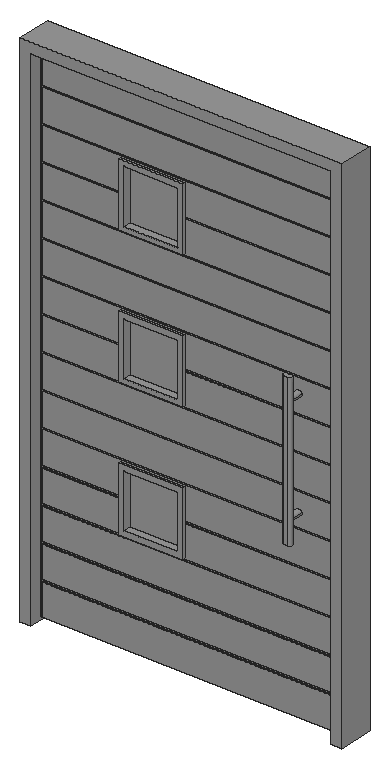
Revit family "V1200IVT NO9 RH", category Doors, host Wall, Revit 2015
Parameters (values of type "V1200IVT NO9 RH")
  Function = Interior
  Frame Projection Ext. = 25 mm
  Frame Projection Int. = 25 mm
  Frame Width = 75 mm
  Height = 2090 mm
  Wall Closure = By host
  Width = 1284 mm
Reference planes
  plane 1: y = 0
  plane 2 "Center (Left/Right)": x = 0
  plane 3 "Left": x = -642
  plane 4 "Right": x = 642
  plane 5: z = 2090
  plane 6 "Exterior": y = 75
  plane 7 "Interior": y = -75
Forms (mm)
  Sweep 1, solid, material "Lauan, Meranti"
    path origin (0, 75, 0) x (1, 0, 0) y (0, 0, 1)
      loop
        line (642, 0) -> (642, 2090) -> (-642, 2090) -> (-642, 0)
    profile "Van Acht 140x42 Pivot Door Frame Profile : Van Acht 140x42 Pivot Door Frame Profile" origin (642, 75, 1045) x (-1, 0, 0) y (0, -1, 0)
      loop
        line (0, 5) -> (42, 5) -> (42, 145) -> (0, 145) -> (0, 5)
  Sweep 2, solid, material "Lauan, Meranti"
    path origin (-4626.5, 11, -4) x (1, 0, 0) y (0, 0, 1)
      loop
        line (5216.5, 2052) -> (4036.5, 2052) -> (4036.5, 20) -> (5216.5, 20) -> (5216.5, 2052)
    profile origin (0, 11, 2048) x (0, 0, -1) y (0, -1, 0)
      loop
        line (0, -5.015) -> (40, -5.015) -> (40, 27) -> (0, 27) -> (0, -5.015)
  Extrusion 3, solid, material "Lauan, Meranti"
    sketch origin (-4626.5, -1629, -4) x (1, 0, 0) y (0, 1, 0)
      loop
        line (4036.5, 1654) -> (4026.5, 1654) -> (4026.5, 1604) -> (4036.5, 1604) -> (4036.5, 1654)
      loop
        line (5226.5, 1654) -> (5216.5, 1654) -> (5216.5, 1604) -> (5226.5, 1604) -> (5226.5, 1654)
    from 20 to 2052
  Sweep 4, solid, material "Lauan, Meranti"
    path origin (-291, -75, -54.558) x (1, 0, 0) y (0, 0, 1)
      loop
        line (28, 1816.058) -> (28, 1581.058) -> (263, 1581.058) -> (263, 1816.058) -> (28, 1816.058)
    profile origin (-145.5, -75, 1761.5) x (0, 0, 1) y (0, -1, 0)
      loop
        line (40, -91.015) -> (40, -59) -> (0, -59) -> (0, -91.015) -> (40, -91.015)
  Extrusion 5, solid, material "Lauan, Meranti"
    sketch origin (0, -75, 0) x (1, 0, 0) y (0, 0, -1)
      loop
        line (590, -2048) -> (590, -16) -> (-590, -16) -> (-590, -2048) -> (590, -2048)
      loop
        line (-263, -1761.5) -> (-28, -1761.5) -> (-28, -1526.5) -> (-263, -1526.5) -> (-263, -1761.5)
      loop
        line (-263, -1217.5) -> (-28, -1217.5) -> (-28, -982.5) -> (-263, -982.5) -> (-263, -1217.5)
      loop
        line (-263, -673.5) -> (-28, -673.5) -> (-28, -438.5) -> (-263, -438.5) -> (-263, -673.5)
    from 50 to 58.985
  Extrusion 6, solid, material "Steel, Polished"
    sketch origin (-55.741, 35.366, 663.99) x (-1, 0, 0) y (0, -1, 0)
      loop
        arc (-499.241, 124.366) -> (-508.741, 114.866) -> (-499.241, 105.366) r 9.5
        line (-499.241, 105.366) -> (-482.241, 105.366)
        arc (-482.241, 105.366) -> (-472.741, 114.866) -> (-482.241, 124.366) r 9.5
        line (-482.241, 124.366) -> (-499.241, 124.366)
    from 0 to 600
  Extrusion 7, solid, material "Steel, Polished"
    sketch origin (-4669.794, -91.899, -2044.914) x (-1, 0, 0) y (0, 0, 1)
      loop
        circle (-5104.794, 3221.404) r 11
      loop
        circle (-5104.794, 2796.404) r 11
    from 16.899 to 66.899
  Extrusion 8, solid, material "Steel, Polished"
    sketch origin (-55.741, -35.366, 663.99) x (-1, 0, 0) y (0, -1, 0)
      loop
        line (-499.241, -124.366) -> (-482.241, -124.366)
        arc (-482.241, -124.366) -> (-472.741, -114.866) -> (-482.241, -105.366) r 9.5
        line (-482.241, -105.366) -> (-499.241, -105.366)
        arc (-499.241, -105.366) -> (-508.741, -114.866) -> (-499.241, -124.366) r 9.5
    from 0 to 600
  Extrusion 9, solid, material "Steel, Polished"
    sketch origin (-4669.794, 91.899, -2044.914) x (-1, 0, 0) y (0, 0, -1)
      loop
        circle (-5104.794, -3221.404) r 11
      loop
        circle (-5104.794, -2796.404) r 11
    from 16.899 to 66.899
  Extrusion 10, solid, material "Lauan, Meranti"
    sketch origin (0, 75, 0) x (1, 0, 0) y (0, 0, 1)
      loop
        line (590, 2048) -> (-590, 2048) -> (-590, 16) -> (590, 16) -> (590, 2048)
      loop
        line (-263, 1761.5) -> (-263, 1526.5) -> (-28, 1526.5) -> (-28, 1761.5) -> (-263, 1761.5)
      loop
        line (-263, 1217.5) -> (-263, 982.5) -> (-28, 982.5) -> (-28, 1217.5) -> (-263, 1217.5)
      loop
        line (-263, 673.5) -> (-263, 438.5) -> (-28, 438.5) -> (-28, 673.5) -> (-263, 673.5)
    from 50 to 58.985
  Extrusion 11, void
    sketch origin (0, 0, 0) x (0, 1, 0) y (0, 0, 1)
      loop
        line (25, 1920) -> (20.5, 1920) -> (20.5, 1912) -> (25, 1912) -> (25, 1920)
      loop
        line (25, 152) -> (20.5, 152) -> (20.5, 144) -> (25, 144) -> (25, 152)
      loop
        line (25, 288) -> (20.5, 288) -> (20.5, 280) -> (25, 280) -> (25, 288)
      loop
        line (25, 832) -> (20.5, 832) -> (20.5, 824) -> (25, 824) -> (25, 832)
      loop
        line (25, 1376) -> (20.5, 1376) -> (20.5, 1368) -> (25, 1368) -> (25, 1376)
    from -590 to 590
  Extrusion 12, void
    sketch origin (-1000, 0, 0) x (0, 1, 0) y (0, 0, 1)
      loop
        line (25, 1784) -> (20.5, 1784) -> (20.5, 1776) -> (25, 1776) -> (25, 1784)
      loop
        line (25, 1648) -> (20.5, 1648) -> (20.5, 1640) -> (25, 1640) -> (25, 1648)
      loop
        line (25, 1512) -> (20.5, 1512) -> (20.5, 1504) -> (25, 1504) -> (25, 1512)
      loop
        line (25, 1240) -> (20.5, 1240) -> (20.5, 1232) -> (25, 1232) -> (25, 1240)
      loop
        line (25, 1104) -> (20.5, 1104) -> (20.5, 1096) -> (25, 1096) -> (25, 1104)
      loop
        line (25, 968) -> (20.5, 968) -> (20.5, 960) -> (25, 960) -> (25, 968)
      loop
        line (25, 696) -> (20.5, 696) -> (20.5, 688) -> (25, 688) -> (25, 696)
      loop
        line (25, 560) -> (20.5, 560) -> (20.5, 552) -> (25, 552) -> (25, 560)
      loop
        line (25, 424) -> (20.5, 424) -> (20.5, 416) -> (25, 416) -> (25, 424)
    from 410 to 662
  Extrusion 13, void
    sketch origin (0, 0, 0) x (0, 1, 0) y (0, 0, 1)
      loop
        line (-20.5, 1920) -> (-25, 1920) -> (-25, 1912) -> (-20.5, 1912) -> (-20.5, 1920)
      loop
        line (-20.5, 152) -> (-25, 152) -> (-25, 144) -> (-20.5, 144) -> (-20.5, 152)
      loop
        line (-20.5, 1784) -> (-25, 1784) -> (-25, 1776) -> (-20.5, 1776) -> (-20.5, 1784)
      loop
        line (-20.5, 1512) -> (-25, 1512) -> (-25, 1504) -> (-20.5, 1504) -> (-20.5, 1512)
      loop
        line (-20.5, 1376) -> (-25, 1376) -> (-25, 1368) -> (-20.5, 1368) -> (-20.5, 1376)
      loop
        line (-20.5, 1240) -> (-25, 1240) -> (-25, 1232) -> (-20.5, 1232) -> (-20.5, 1240)
      loop
        line (-20.5, 968) -> (-25, 968) -> (-25, 960) -> (-20.5, 960) -> (-20.5, 968)
      loop
        line (-20.5, 832) -> (-25, 832) -> (-25, 824) -> (-20.5, 824) -> (-20.5, 832)
      loop
        line (-20.5, 696) -> (-25, 696) -> (-25, 688) -> (-20.5, 688) -> (-20.5, 696)
      loop
        line (-20.5, 424) -> (-25, 424) -> (-25, 416) -> (-20.5, 416) -> (-20.5, 424)
      loop
        line (-20.5, 288) -> (-25, 288) -> (-25, 280) -> (-20.5, 280) -> (-20.5, 288)
    from -590 to 590
  Extrusion 14, void
    sketch origin (-880, 0, 0) x (0, 1, 0) y (0, 0, 1)
      loop
        line (-20.5, 1648) -> (-25, 1648) -> (-25, 1640) -> (-20.5, 1640) -> (-20.5, 1648)
      loop
        line (-20.5, 1104) -> (-25, 1104) -> (-25, 1096) -> (-20.5, 1096) -> (-20.5, 1104)
      loop
        line (-20.5, 560) -> (-25, 560) -> (-25, 552) -> (-20.5, 552) -> (-20.5, 560)
    from 290 to 617
  Sweep 15, solid, material "Lauan, Meranti"
    path origin (-291, -75, -598.558) x (1, 0, 0) y (0, 0, 1)
      loop
        line (28, 1816.058) -> (28, 1581.058) -> (263, 1581.058) -> (263, 1816.058) -> (28, 1816.058)
    profile origin (-145.5, -75, 1217.5) x (0, 0, 1) y (0, -1, 0)
      loop
        line (40, -91.015) -> (40, -59) -> (0, -59) -> (0, -91.015) -> (40, -91.015)
  Sweep 16, solid, material "Lauan, Meranti"
    path origin (-291, -75, -1142.558) x (1, 0, 0) y (0, 0, 1)
      loop
        line (28, 1816.058) -> (28, 1581.058) -> (263, 1581.058) -> (263, 1816.058) -> (28, 1816.058)
    profile origin (-145.5, -75, 673.5) x (0, 0, 1) y (0, -1, 0)
      loop
        line (40, -91.015) -> (40, -59) -> (0, -59) -> (0, -91.015) -> (40, -91.015)
  Extrusion 17, solid, material "Glass, Cast, Clear"
    sketch origin (-291, -77.492, 43.245) x (1, 0, 0) y (0, 0, 1)
      loop
        line (28, 1718.255) -> (28, 1483.255) -> (263, 1483.255) -> (263, 1718.255) -> (28, 1718.255)
    from -81 to -74
  Extrusion 18, solid, material "Glass, Cast, Clear"
    sketch origin (-291, -77.492, -500.755) x (1, 0, 0) y (0, 0, 1)
      loop
        line (28, 1718.255) -> (28, 1483.255) -> (263, 1483.255) -> (263, 1718.255) -> (28, 1718.255)
    from -81 to -74
  Extrusion 19, solid, material "Glass, Cast, Clear"
    sketch origin (-291, -77.492, -1044.755) x (1, 0, 0) y (0, 0, 1)
      loop
        line (28, 1718.255) -> (28, 1483.255) -> (263, 1483.255) -> (263, 1718.255) -> (28, 1718.255)
    from -81 to -74
  Sweep 20, solid, material "Steel, S 460"
    path origin (-291, 75, -54.558) x (1, 0, 0) y (0, 0, 1)
      loop
        line (273, 1826.058) -> (18, 1826.058) -> (18, 1571.058) -> (273, 1571.058) -> (273, 1826.058)
    profile origin (-145.5, 75, 1771.5) x (0, 0, -1) y (0, -1, 0)
      loop
        line (5, 49) -> (5, 50) -> (-60, 50) -> (-60, 49) -> (5, 49)
  Sweep 21, solid, material "Steel, S 460"
    path origin (-291, 75, -598.558) x (1, 0, 0) y (0, 0, 1)
      loop
        line (273, 1826.058) -> (18, 1826.058) -> (18, 1571.058) -> (273, 1571.058) -> (273, 1826.058)
    profile origin (-145.5, 75, 1227.5) x (0, 0, -1) y (0, -1, 0)
      loop
        line (5, 49) -> (5, 50) -> (-60, 50) -> (-60, 49) -> (5, 49)
  Sweep 22, solid, material "Steel, S 460"
    path origin (-291, 75, -1142.558) x (1, 0, 0) y (0, 0, 1)
      loop
        line (273, 1826.058) -> (18, 1826.058) -> (18, 1571.058) -> (273, 1571.058) -> (273, 1826.058)
    profile origin (-145.5, 75, 683.5) x (0, 0, -1) y (0, -1, 0)
      loop
        line (5, 49) -> (5, 50) -> (-60, 50) -> (-60, 49) -> (5, 49)
  Sweep 23, solid, material "Lauan, Meranti"
    path origin (-291, 75, -598.558) x (1, 0, 0) y (0, 0, 1)
      loop
        line (333, 1886.058) -> (-42, 1886.058) -> (-42, 1511.058) -> (333, 1511.058) -> (333, 1886.058)
    profile origin (-145.5, 75, 1287.5) x (0, 0, -1) y (0, -1, 0)
      loop
        line (5, 39) -> (5, 49) -> (-5, 49) -> (-5, 54) -> (-15, 54) -> (-15, 39) -> (5, 39)
  Sweep 24, solid, material "Lauan, Meranti"
    path origin (-235, 75, -598.558) x (1, 0, 0) y (0, 0, 1)
      loop
        line (207, 1816.058) -> (-28, 1816.058) -> (-28, 1581.058) -> (207, 1581.058) -> (207, 1816.058)
    profile origin (-145.5, 75, 1217.5) x (0, 0, -1) y (0, -1, 0)
      loop
        line (0, 49) -> (-10, 49) -> (-10, 39) -> (10, 39) -> (10, 69) -> (0, 69) -> (0, 49)
  Sweep 25, solid, material "Lauan, Meranti"
    path origin (-291, 75, -54.558) x (1, 0, 0) y (0, 0, 1)
      loop
        line (333, 1886.058) -> (-42, 1886.058) -> (-42, 1511.058) -> (333, 1511.058) -> (333, 1886.058)
    profile origin (-145.5, 75, 1831.5) x (0, 0, -1) y (0, -1, 0)
      loop
        line (5, 39) -> (5, 49) -> (-5, 49) -> (-5, 54) -> (-15, 54) -> (-15, 39) -> (5, 39)
  Sweep 26, solid, material "Lauan, Meranti"
    path origin (-235, 75, -54.558) x (1, 0, 0) y (0, 0, 1)
      loop
        line (207, 1816.058) -> (-28, 1816.058) -> (-28, 1581.058) -> (207, 1581.058) -> (207, 1816.058)
    profile origin (-145.5, 75, 1761.5) x (0, 0, -1) y (0, -1, 0)
      loop
        line (0, 49) -> (-10, 49) -> (-10, 39) -> (10, 39) -> (10, 69) -> (0, 69) -> (0, 49)
  Sweep 27, solid, material "Lauan, Meranti"
    path origin (-291, 75, -1142.558) x (1, 0, 0) y (0, 0, 1)
      loop
        line (333, 1886.058) -> (-42, 1886.058) -> (-42, 1511.058) -> (333, 1511.058) -> (333, 1886.058)
    profile origin (-145.5, 75, 743.5) x (0, 0, -1) y (0, -1, 0)
      loop
        line (5, 39) -> (5, 49) -> (-5, 49) -> (-5, 54) -> (-15, 54) -> (-15, 39) -> (5, 39)
  Sweep 28, solid, material "Lauan, Meranti"
    path origin (-235, 75, -1142.558) x (1, 0, 0) y (0, 0, 1)
      loop
        line (207, 1816.058) -> (-28, 1816.058) -> (-28, 1581.058) -> (207, 1581.058) -> (207, 1816.058)
    profile origin (-145.5, 75, 673.5) x (0, 0, -1) y (0, -1, 0)
      loop
        line (0, 49) -> (-10, 49) -> (-10, 39) -> (10, 39) -> (10, 69) -> (0, 69) -> (0, 49)
  Sweep 29, solid, material "Lauan, Meranti"
    path origin (-235, -75, -598.558) x (1, 0, 0) y (0, 0, -1)
      loop
        line (207, -1816.058) -> (207, -1581.058) -> (-28, -1581.058) -> (-28, -1816.058) -> (207, -1816.058)
    profile origin (-145.5, -75, 1217.5) x (0, 0, 1) y (0, 1, 0)
      loop
        line (0, 49) -> (0, 69) -> (-10, 69) -> (-10, 39) -> (10, 39) -> (10, 49) -> (0, 49)
  Sweep 30, solid, material "Lauan, Meranti"
    path origin (-235, -75, -54.558) x (1, 0, 0) y (0, 0, -1)
      loop
        line (207, -1816.058) -> (207, -1581.058) -> (-28, -1581.058) -> (-28, -1816.058) -> (207, -1816.058)
    profile origin (-145.5, -75, 1761.5) x (0, 0, 1) y (0, 1, 0)
      loop
        line (0, 49) -> (0, 69) -> (-10, 69) -> (-10, 39) -> (10, 39) -> (10, 49) -> (0, 49)
  Sweep 31, solid, material "Lauan, Meranti"
    path origin (-235, -75, -1142.558) x (1, 0, 0) y (0, 0, -1)
      loop
        line (207, -1816.058) -> (207, -1581.058) -> (-28, -1581.058) -> (-28, -1816.058) -> (207, -1816.058)
    profile origin (-145.5, -75, 673.5) x (0, 0, 1) y (0, 1, 0)
      loop
        line (0, 49) -> (0, 69) -> (-10, 69) -> (-10, 39) -> (10, 39) -> (10, 49) -> (0, 49)
  Extrusion 32, void
    sketch origin (-305, 0, 0) x (0, 1, 0) y (0, 0, 1)
      loop
        line (25, 1784) -> (20.5, 1784) -> (20.5, 1776) -> (25, 1776) -> (25, 1784)
      loop
        line (25, 1648) -> (20.5, 1648) -> (20.5, 1640) -> (25, 1640) -> (25, 1648)
      loop
        line (25, 1512) -> (20.5, 1512) -> (20.5, 1504) -> (25, 1504) -> (25, 1512)
      loop
        line (25, 1240) -> (20.5, 1240) -> (20.5, 1232) -> (25, 1232) -> (25, 1240)
      loop
        line (25, 1104) -> (20.5, 1104) -> (20.5, 1096) -> (25, 1096) -> (25, 1104)
      loop
        line (25, 968) -> (20.5, 968) -> (20.5, 960) -> (25, 960) -> (25, 968)
      loop
        line (25, 696) -> (20.5, 696) -> (20.5, 688) -> (25, 688) -> (25, 696)
      loop
        line (25, 560) -> (20.5, 560) -> (20.5, 552) -> (25, 552) -> (25, 560)
      loop
        line (25, 424) -> (20.5, 424) -> (20.5, 416) -> (25, 416) -> (25, 424)
    from 352 to 895
  Extrusion 33, void
    sketch origin (-120, 0, 0) x (0, 1, 0) y (0, 0, 1)
      loop
        line (-20.5, 1648) -> (-25, 1648) -> (-25, 1640) -> (-20.5, 1640) -> (-20.5, 1648)
      loop
        line (-20.5, 1104) -> (-25, 1104) -> (-25, 1096) -> (-20.5, 1096) -> (-20.5, 1104)
      loop
        line (-20.5, 560) -> (-25, 560) -> (-25, 552) -> (-20.5, 552) -> (-20.5, 560)
    from 92 to 710
Cuts and joins
  Extrusion 11, Extrusion 12, Extrusion 32 cuts Extrusion 10
  Extrusion 12, Extrusion 14, Extrusion 32, Extrusion 33 cuts Extrusion 3
  Extrusion 13, Extrusion 14, Extrusion 33 cuts Extrusion 5
  Extrusion 32 cuts Sweep 23
  Extrusion 32 cuts Sweep 25
  Extrusion 32 cuts Sweep 27
  Extrusion 33 cuts Sweep 29
  Extrusion 33 cuts Sweep 30
  Extrusion 33 cuts Sweep 31
Lines and regions (mm)
  Opening 1
    outline origin (-3050, -75, 0) x (1, 0, 0) y (0, 0, 1)
      loop
        line (2408, 0) -> (3692, 0) -> (3692, 2090) -> (2408, 2090) -> (2408, 0)
  symbolic lines, style "Elevation Swing"
    curve 1: line (642, -75, 1045) -> (-300, -75, 2048)
    curve 2: line (642, -75, 1045) -> (-300, -75, 0)
    curve 3: line (-600, -75, 1045) -> (-300, -75, 2048)
    curve 4: line (-600, -75, 1045) -> (-300, -75, 0)
  model lines
    curve 5: line (-600, 22.5, 0) -> (600, 22.5, 0)
    curve 6: line (-600, -22.5, 0) -> (600, -22.5, 0)
    curve 8: line (-300, 22.5, 0) -> (-300, 922.5, 0)
    curve 9: arc (600, 22.5, 0) -> (336.396, 658.896, 0) -> (-300, 922.5, 0) r 900
    curve 10: line (-300, -22.5, 0) -> (-300, -322.5, 0)
    curve 11: arc (-300, -322.5, 0) -> (-512.132, -234.632, 0) -> (-600, -22.5, 0) r 300
  model lines, style "Elevation Swing"
    curve 7: line (-300, 0, 0) -> (-300, 0, 2048)
    curve 12: line (37, 26, 1826.5) -> (-18, 26, 1771.5)
    curve 13: line (-273, 26, 1771.5) -> (-328, 26, 1826.5)
    curve 14: line (37, 26, 1461.5) -> (-18, 26, 1516.5)
    curve 15: line (-273, 26, 1516.5) -> (-328, 26, 1461.5)
    curve 16: line (37, 26, 1282.5) -> (-18, 26, 1227.5)
    curve 17: line (-273, 26, 1227.5) -> (-328, 26, 1282.5)
    curve 18: line (37, 26, 917.5) -> (-18, 26, 972.5)
    curve 19: line (-273, 26, 972.5) -> (-328, 26, 917.5)
    curve 20: line (37, 26, 738.5) -> (-18, 26, 683.5)
    curve 21: line (-273, 26, 683.5) -> (-328, 26, 738.5)
    curve 22: line (37, 26, 373.5) -> (-18, 26, 428.5)
    curve 23: line (-273, 26, 428.5) -> (-328, 26, 373.5)
Text (mm)
  text "Exterior" at (-2295.016, 1099.543, 0), in view "Ref. Level"
  text "Exterior" at (0, 1615.38, 3698.081), in view "Left"
  text "Exterior" at (0, 1036.032, 3874.932), in view "Right"
Dimensions and locks
  equal spacing: plane 3 "Left", plane 2 "Center (Left/Right)", plane 4 "Right"
  "Width": plane 3 "Left" to plane 4 "Right"
  "Height": plane 5 to host wall
  equal spacing: host wall, curve 2, plane 5
  host wall to plane 5 = 2090 mm
  locked: plane 6 "Exterior" to host wall at 0
  locked: plane 7 "Interior" to host wall
  aligned and locked: plane 3 "Left" to Opening 1 sketch curve
  aligned and locked: plane 5 to Opening 1 sketch curve  (x2)
  aligned and locked: Opening 1 sketch curve to plane 4 "Right"
  aligned and locked: Opening 1 sketch curve to level
  aligned and locked: plane 1 to host wall
Automatic sketch dimensions
  curve 7 to level = 0 mm
  curve 2 to level = 0 mm
  plane 4 "Right" to curve 2 = 0 mm
  plane 5 to curve 7 = 42 mm
  curve 1 to curve 7 = 0 mm  (x2)
  curve 7 to plane 2 "Center (Left/Right)" = 300 mm
  curve 2 to curve 7 = 0 mm
  plane 3 "Left" to Sweep 1 sketch curve = 0 mm
  plane 4 "Right" to Sweep 1 sketch curve = 0 mm
  Sweep 1 sketch curve to level = 0 mm  (x2)
  Sweep 1 sketch curve to plane 5 = 0 mm
  curve 4 to level = 0 mm
  curve 4 to plane 3 "Left" = 42 mm
  level to curve 4 = 1045 mm
  curve 4 to plane 2 "Center (Left/Right)" = 300 mm
  plane 5 to curve 3 = 42 mm
  curve 3 to plane 2 "Center (Left/Right)" = 300 mm
  curve 6 to plane 3 "Left" = 42 mm
  curve 8 to plane 2 "Center (Left/Right)" = 300 mm
  curve 11 to curve 8 = 0 mm
  plane 4 "Right" to curve 5 = 42 mm
  host wall to curve 10 = 247.5 mm
  curve 5 to host wall = 22.5 mm
  curve 5 to plane 3 "Left" = 42 mm
  plane 4 "Right" to curve 6 = 42 mm
  Sweep 2 sketch curve to plane 3 "Left" = 52 mm
  level to Sweep 2 sketch curve = 16 mm
  plane 4 "Right" to Sweep 2 sketch curve = 52 mm
  plane 5 to Sweep 2 sketch curve = 42 mm
  Sweep 2 sketch curve to profile plane = 0 mm
  Sweep 2 sketch curve to profile plane = 5.015 mm
  Sweep 2 sketch curve to profile plane = 40 mm
  profile plane to Sweep 2 sketch curve = 27 mm
  Extrusion 3 sketch curve to plane 3 "Left" = 42 mm
  Extrusion 3 sketch curve to Extrusion 3 sketch curve = 10 mm  (x2)
  host wall to Extrusion 3 sketch curve = 25 mm  (x2)
  plane 4 "Right" to Extrusion 3 sketch curve = 52 mm
  Extrusion 3 sketch curve to host wall = 25 mm  (x2)
  Sweep 4 sketch curve to plane 2 "Center (Left/Right)" = 263 mm
  Sweep 4 sketch curve to plane 2 "Center (Left/Right)" = 28 mm
  plane 5 to Sweep 4 sketch curve = 563.5 mm
  Sweep 4 sketch curve to Sweep 4 sketch curve = 235 mm
  profile plane to Sweep 4 sketch curve = 0 mm
  Sweep 4 sketch curve to profile plane = 40 mm
  Sweep 4 sketch curve to plane 7 "Interior" = 91.015 mm
  Sweep 4 sketch curve to Sweep 4 sketch curve = 32.015 mm
  Extrusion 5 sketch curve to plane 3 "Left" = 52 mm
  Extrusion 5 sketch curve to plane 2 "Center (Left/Right)" = 263 mm  (x3)
  Extrusion 5 sketch curve to plane 2 "Center (Left/Right)" = 28 mm  (x3)
  plane 4 "Right" to Extrusion 5 sketch curve = 52 mm
  plane 5 to Extrusion 5 sketch curve = 42 mm
  plane 5 to Extrusion 5 sketch curve = 328.5 mm
  Extrusion 5 sketch curve to Extrusion 5 sketch curve = 235 mm  (x3)
  Extrusion 5 sketch curve to Extrusion 5 sketch curve = 309 mm  (x2)
  level to Extrusion 5 sketch curve = 16 mm
  curve 23 to plane 3 "Left" = 314 mm
  plane 2 "Center (Left/Right)" to curve 22 = 37 mm
  level to curve 22 = 373.5 mm
  curve 21 to plane 3 "Left" = 314 mm
  curve 19 to curve 21 = 0 mm
  curve 13 to plane 3 "Left" = 314 mm
  curve 17 to plane 3 "Left" = 314 mm
  curve 15 to curve 17 = 0 mm
  curve 15 to curve 15 = 55 mm  (x2)
  curve 21 to curve 21 = 55 mm  (x2)
  curve 13 to curve 13 = 55 mm  (x2)
  curve 19 to curve 19 = 55 mm  (x2)
  curve 17 to curve 17 = 55 mm  (x2)
  curve 23 to curve 23 = 55 mm  (x2)
  curve 22 to plane 2 "Center (Left/Right)" = 18 mm
  curve 18 to plane 2 "Center (Left/Right)" = 18 mm
  curve 16 to plane 2 "Center (Left/Right)" = 18 mm
  curve 12 to plane 2 "Center (Left/Right)" = 18 mm
  curve 14 to plane 2 "Center (Left/Right)" = 18 mm
  curve 20 to plane 2 "Center (Left/Right)" = 18 mm
  plane 2 "Center (Left/Right)" to curve 16 = 37 mm
  plane 2 "Center (Left/Right)" to curve 18 = 37 mm
  plane 2 "Center (Left/Right)" to curve 14 = 37 mm
  plane 2 "Center (Left/Right)" to curve 20 = 37 mm
  plane 2 "Center (Left/Right)" to curve 12 = 37 mm
  curve 23 to curve 22 = 0 mm
  curve 22 to curve 22 = 55 mm
  curve 23 to curve 21 = 255 mm
  curve 20 to curve 21 = 0 mm
  curve 20 to curve 20 = 55 mm
  curve 21 to curve 19 = 179 mm
  curve 20 to curve 18 = 179 mm
  curve 18 to curve 18 = 55 mm
  curve 18 to curve 16 = 255 mm
  curve 17 to curve 16 = 0 mm
  curve 16 to curve 16 = 55 mm
  curve 16 to curve 14 = 179 mm
  curve 17 to curve 15 = 179 mm
  curve 14 to curve 14 = 55 mm
  curve 15 to curve 13 = 255 mm
  curve 12 to curve 13 = 0 mm
  curve 12 to curve 12 = 55 mm
  host wall to Extrusion 6 sketch curve = 14 mm
  plane 4 "Right" to Extrusion 6 sketch curve = 198.5 mm
  Extrusion 6 sketch curve to Extrusion 6 sketch curve = 17 mm
  host wall to Extrusion 6 sketch curve = 4.5 mm
  plane 4 "Right" to Extrusion 7 sketch curve = 207 mm  (x2)
  level to Extrusion 7 sketch curve = 751.49 mm
  Extrusion 7 sketch curve to Extrusion 7 sketch curve = 425 mm
  host wall to Extrusion 8 sketch curve = 14 mm
  plane 4 "Right" to Extrusion 8 sketch curve = 198.5 mm
  Extrusion 8 sketch curve to Extrusion 8 sketch curve = 17 mm
  host wall to Extrusion 8 sketch curve = 4.5 mm
  plane 4 "Right" to Extrusion 9 sketch curve = 207 mm  (x2)
  plane 5 to Extrusion 9 sketch curve = 913.51 mm
  Extrusion 9 sketch curve to Extrusion 9 sketch curve = 425 mm
  Extrusion 10 sketch curve to plane 3 "Left" = 52 mm
  Extrusion 10 sketch curve to plane 2 "Center (Left/Right)" = 263 mm  (x3)
  Extrusion 10 sketch curve to plane 2 "Center (Left/Right)" = 28 mm  (x3)
  plane 4 "Right" to Extrusion 10 sketch curve = 52 mm
  level to Extrusion 10 sketch curve = 16 mm
  level to Extrusion 10 sketch curve = 438.5 mm
  Extrusion 10 sketch curve to Extrusion 10 sketch curve = 235 mm  (x3)
  Extrusion 10 sketch curve to Extrusion 10 sketch curve = 309 mm  (x2)
  plane 5 to Extrusion 10 sketch curve = 42 mm
  Extrusion 11 sketch curve to host wall = 20.5 mm  (x5)
  Extrusion 11 sketch curve to Extrusion 11 sketch curve = 4.5 mm  (x5)
  level to Extrusion 11 sketch curve = 144 mm
  Extrusion 11 sketch curve to Extrusion 11 sketch curve = 8 mm  (x5)
  Extrusion 11 sketch curve to Extrusion 11 sketch curve = 128 mm
  Extrusion 11 sketch curve to Extrusion 11 sketch curve = 536 mm  (x2)
  plane 5 to Extrusion 11 sketch curve = 178 mm
  Extrusion 12 sketch curve to host wall = 20.5 mm  (x9)
  Extrusion 12 sketch curve to Extrusion 12 sketch curve = 4.5 mm  (x9)
  level to Extrusion 12 sketch curve = 416 mm
  Extrusion 12 sketch curve to Extrusion 12 sketch curve = 8 mm  (x9)
  Extrusion 12 sketch curve to Extrusion 12 sketch curve = 128 mm  (x6)
  Extrusion 12 sketch curve to Extrusion 12 sketch curve = 264 mm  (x2)
  host wall to Extrusion 14 sketch curve = 25 mm  (x3)
  Extrusion 14 sketch curve to Extrusion 14 sketch curve = 4.5 mm  (x3)
  level to Extrusion 14 sketch curve = 552 mm
  Extrusion 14 sketch curve to Extrusion 14 sketch curve = 8 mm  (x3)
  Extrusion 14 sketch curve to Extrusion 14 sketch curve = 536 mm
  plane 5 to Extrusion 14 sketch curve = 450 mm
  Sweep 15 sketch curve to plane 2 "Center (Left/Right)" = 263 mm
  Sweep 15 sketch curve to plane 2 "Center (Left/Right)" = 28 mm
  level to Sweep 15 sketch curve = 982.5 mm
  Sweep 15 sketch curve to Sweep 15 sketch curve = 235 mm
  profile plane to Sweep 15 sketch curve = 0 mm
  Sweep 15 sketch curve to profile plane = 40 mm
  Sweep 15 sketch curve to plane 7 "Interior" = 91.015 mm
  Sweep 15 sketch curve to Sweep 15 sketch curve = 32.015 mm
  Sweep 16 sketch curve to plane 2 "Center (Left/Right)" = 263 mm
  Sweep 16 sketch curve to plane 2 "Center (Left/Right)" = 28 mm
  level to Sweep 16 sketch curve = 438.5 mm
  Sweep 16 sketch curve to Sweep 16 sketch curve = 235 mm
  profile plane to Sweep 16 sketch curve = 0 mm
  Sweep 16 sketch curve to profile plane = 40 mm
  Sweep 16 sketch curve to plane 7 "Interior" = 91.015 mm
  Sweep 16 sketch curve to Sweep 16 sketch curve = 32.015 mm
  Extrusion 17 sketch curve to plane 2 "Center (Left/Right)" = 263 mm
  Extrusion 17 sketch curve to plane 2 "Center (Left/Right)" = 28 mm
  plane 5 to Extrusion 17 sketch curve = 563.5 mm
  Extrusion 17 sketch curve to Extrusion 17 sketch curve = 235 mm
  Extrusion 18 sketch curve to plane 2 "Center (Left/Right)" = 263 mm
  Extrusion 18 sketch curve to plane 2 "Center (Left/Right)" = 28 mm
  level to Extrusion 18 sketch curve = 982.5 mm
  Extrusion 18 sketch curve to Extrusion 18 sketch curve = 235 mm
  Extrusion 19 sketch curve to plane 2 "Center (Left/Right)" = 263 mm
  Extrusion 19 sketch curve to plane 2 "Center (Left/Right)" = 28 mm
  level to Extrusion 19 sketch curve = 438.5 mm
  Extrusion 19 sketch curve to Extrusion 19 sketch curve = 235 mm
  Sweep 20 sketch curve to plane 2 "Center (Left/Right)" = 273 mm
  Sweep 20 sketch curve to plane 2 "Center (Left/Right)" = 18 mm
  plane 5 to Sweep 20 sketch curve = 573.5 mm
  Sweep 20 sketch curve to Sweep 20 sketch curve = 255 mm
  profile plane to Sweep 20 sketch curve = 60 mm
  Sweep 20 sketch curve to profile plane = 5 mm
  plane 6 "Exterior" to Sweep 20 sketch curve = 49 mm
  Sweep 20 sketch curve to Sweep 20 sketch curve = 1 mm
  Sweep 21 sketch curve to plane 2 "Center (Left/Right)" = 273 mm
  Sweep 21 sketch curve to plane 2 "Center (Left/Right)" = 18 mm
  level to Sweep 21 sketch curve = 972.5 mm
  Sweep 21 sketch curve to Sweep 21 sketch curve = 255 mm
  profile plane to Sweep 21 sketch curve = 60 mm
  Sweep 21 sketch curve to profile plane = 5 mm
  plane 6 "Exterior" to Sweep 21 sketch curve = 49 mm
  Sweep 21 sketch curve to Sweep 21 sketch curve = 1 mm
  Sweep 22 sketch curve to plane 2 "Center (Left/Right)" = 273 mm
  Sweep 22 sketch curve to plane 2 "Center (Left/Right)" = 18 mm
  level to Sweep 22 sketch curve = 428.5 mm
  Sweep 22 sketch curve to Sweep 22 sketch curve = 255 mm
  profile plane to Sweep 22 sketch curve = 60 mm
  Sweep 22 sketch curve to profile plane = 5 mm
  plane 6 "Exterior" to Sweep 22 sketch curve = 49 mm
  Sweep 22 sketch curve to Sweep 22 sketch curve = 1 mm
  Sweep 23 sketch curve to plane 3 "Left" = 309 mm
  plane 2 "Center (Left/Right)" to Sweep 23 sketch curve = 42 mm
  level to Sweep 23 sketch curve = 912.5 mm
  Sweep 23 sketch curve to Sweep 23 sketch curve = 375 mm
  profile plane to Sweep 23 sketch curve = 15 mm
  profile plane to Sweep 23 sketch curve = 5 mm
  Sweep 23 sketch curve to profile plane = 5 mm
  plane 6 "Exterior" to Sweep 23 sketch curve = 39 mm
  Sweep 23 sketch curve to Sweep 23 sketch curve = 10 mm
  Sweep 23 sketch curve to Sweep 23 sketch curve = 5 mm
  Sweep 24 sketch curve to plane 2 "Center (Left/Right)" = 263 mm
  Sweep 24 sketch curve to plane 2 "Center (Left/Right)" = 28 mm
  level to Sweep 24 sketch curve = 982.5 mm
  Sweep 24 sketch curve to Sweep 24 sketch curve = 235 mm
  Sweep 24 sketch curve to profile plane = 0 mm
  profile plane to Sweep 24 sketch curve = 10 mm
  Sweep 24 sketch curve to profile plane = 10 mm
  profile plane to Sweep 24 sketch curve = 39 mm
  Sweep 24 sketch curve to Sweep 24 sketch curve = 10 mm
  Sweep 24 sketch curve to Sweep 24 sketch curve = 20 mm
  Sweep 25 sketch curve to plane 3 "Left" = 309 mm
  plane 2 "Center (Left/Right)" to Sweep 25 sketch curve = 42 mm
  plane 5 to Sweep 25 sketch curve = 633.5 mm
  plane 5 to Sweep 25 sketch curve = 258.5 mm
  profile plane to Sweep 25 sketch curve = 15 mm
  profile plane to Sweep 25 sketch curve = 5 mm
  Sweep 25 sketch curve to profile plane = 5 mm
  plane 6 "Exterior" to Sweep 25 sketch curve = 39 mm
  Sweep 25 sketch curve to Sweep 25 sketch curve = 10 mm
  Sweep 25 sketch curve to Sweep 25 sketch curve = 5 mm
  Sweep 26 sketch curve to plane 2 "Center (Left/Right)" = 263 mm
  Sweep 26 sketch curve to plane 2 "Center (Left/Right)" = 28 mm
  plane 5 to Sweep 26 sketch curve = 563.5 mm
  Sweep 26 sketch curve to Sweep 26 sketch curve = 235 mm
  Sweep 26 sketch curve to profile plane = 0 mm
  profile plane to Sweep 26 sketch curve = 10 mm
  Sweep 26 sketch curve to profile plane = 10 mm
  profile plane to Sweep 26 sketch curve = 39 mm
  Sweep 26 sketch curve to Sweep 26 sketch curve = 10 mm
  Sweep 26 sketch curve to Sweep 26 sketch curve = 20 mm
  Sweep 27 sketch curve to plane 3 "Left" = 309 mm
  plane 2 "Center (Left/Right)" to Sweep 27 sketch curve = 42 mm
  level to Sweep 27 sketch curve = 368.5 mm
  Sweep 27 sketch curve to Sweep 27 sketch curve = 375 mm
  profile plane to Sweep 27 sketch curve = 15 mm
  profile plane to Sweep 27 sketch curve = 5 mm
  Sweep 27 sketch curve to profile plane = 5 mm
  plane 6 "Exterior" to Sweep 27 sketch curve = 39 mm
  Sweep 27 sketch curve to Sweep 27 sketch curve = 10 mm
  Sweep 27 sketch curve to Sweep 27 sketch curve = 5 mm
  Sweep 28 sketch curve to plane 2 "Center (Left/Right)" = 263 mm
  Sweep 28 sketch curve to plane 2 "Center (Left/Right)" = 28 mm
  level to Sweep 28 sketch curve = 438.5 mm
  Sweep 28 sketch curve to Sweep 28 sketch curve = 235 mm
  Sweep 28 sketch curve to profile plane = 0 mm
  profile plane to Sweep 28 sketch curve = 10 mm
  Sweep 28 sketch curve to profile plane = 10 mm
  profile plane to Sweep 28 sketch curve = 39 mm
  Sweep 28 sketch curve to Sweep 28 sketch curve = 10 mm
  Sweep 28 sketch curve to Sweep 28 sketch curve = 20 mm
  Sweep 29 sketch curve to plane 2 "Center (Left/Right)" = 263 mm
  Sweep 29 sketch curve to plane 2 "Center (Left/Right)" = 28 mm
  plane 5 to Sweep 29 sketch curve = 872.5 mm
  Sweep 29 sketch curve to Sweep 29 sketch curve = 235 mm
  profile plane to Sweep 29 sketch curve = 0 mm
  profile plane to Sweep 29 sketch curve = 10 mm
  Sweep 29 sketch curve to profile plane = 10 mm
  profile plane to Sweep 29 sketch curve = 39 mm
  Sweep 29 sketch curve to Sweep 29 sketch curve = 10 mm
  Sweep 29 sketch curve to Sweep 29 sketch curve = 20 mm
  Sweep 30 sketch curve to plane 2 "Center (Left/Right)" = 263 mm
  Sweep 30 sketch curve to plane 2 "Center (Left/Right)" = 28 mm
  plane 5 to Sweep 30 sketch curve = 328.5 mm
  Sweep 30 sketch curve to Sweep 30 sketch curve = 235 mm
  profile plane to Sweep 30 sketch curve = 0 mm
  profile plane to Sweep 30 sketch curve = 10 mm
  Sweep 30 sketch curve to profile plane = 10 mm
  profile plane to Sweep 30 sketch curve = 39 mm
  Sweep 30 sketch curve to Sweep 30 sketch curve = 10 mm
  Sweep 30 sketch curve to Sweep 30 sketch curve = 20 mm
  Sweep 31 sketch curve to plane 2 "Center (Left/Right)" = 263 mm
  Sweep 31 sketch curve to plane 2 "Center (Left/Right)" = 28 mm
  level to Sweep 31 sketch curve = 673.5 mm
  Sweep 31 sketch curve to Sweep 31 sketch curve = 235 mm
  profile plane to Sweep 31 sketch curve = 0 mm
  profile plane to Sweep 31 sketch curve = 10 mm
  Sweep 31 sketch curve to profile plane = 10 mm
  profile plane to Sweep 31 sketch curve = 39 mm
  Sweep 31 sketch curve to Sweep 31 sketch curve = 10 mm
  Sweep 31 sketch curve to Sweep 31 sketch curve = 20 mm
  Extrusion 32 sketch curve to host wall = 20.5 mm  (x9)
  Extrusion 32 sketch curve to Extrusion 32 sketch curve = 4.5 mm  (x9)
  level to Extrusion 32 sketch curve = 416 mm
  Extrusion 32 sketch curve to Extrusion 32 sketch curve = 8 mm  (x9)
  Extrusion 32 sketch curve to Extrusion 32 sketch curve = 128 mm  (x6)
  Extrusion 32 sketch curve to Extrusion 32 sketch curve = 264 mm  (x2)
  host wall to Extrusion 33 sketch curve = 25 mm  (x3)
  Extrusion 33 sketch curve to Extrusion 33 sketch curve = 4.5 mm  (x3)
  level to Extrusion 33 sketch curve = 552 mm
  Extrusion 33 sketch curve to Extrusion 33 sketch curve = 8 mm  (x3)
  Extrusion 33 sketch curve to Extrusion 33 sketch curve = 536 mm
  plane 5 to Extrusion 33 sketch curve = 450 mm
  host wall to Extrusion 13 sketch curve = 25 mm  (x11)
  Extrusion 13 sketch curve to Extrusion 13 sketch curve = 4.5 mm  (x11)
  level to Extrusion 13 sketch curve = 144 mm
  Extrusion 13 sketch curve to Extrusion 13 sketch curve = 8 mm  (x11)
  Extrusion 13 sketch curve to Extrusion 13 sketch curve = 128 mm  (x7)
  Extrusion 13 sketch curve to Extrusion 13 sketch curve = 264 mm  (x3)
  radius of Extrusion 7 sketch curve = 11 mm  (x2)
  radius of Extrusion 9 sketch curve = 11 mm  (x2)
